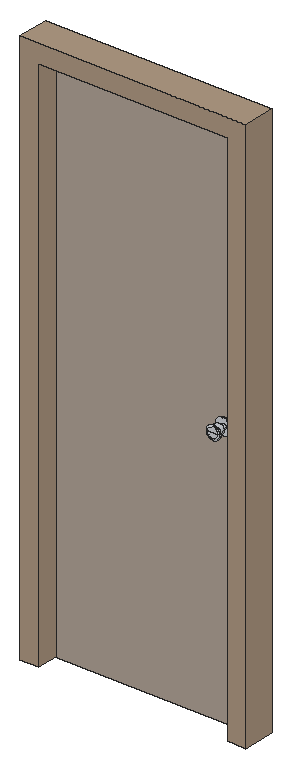
Revit family "D6_木門1", category 門, Revit 2014
Parameters (values of type "85 x 210 cm")
  熱阻 (R) = 0.270117 (m²·K)/W
  Visual Light Transmittance = 0
  Solar Heat Gain Coefficient = 0
  營造類型 Id = "MDOOR"
  關鍵註記 = "單開門-矩形"
  傳熱係數 (U) = 3.7021 W/(m²·K)
  功能 = 室內
  門扇材料 = none
  門扇寬度 = Width - 2 * 開門側框寬度  # 750 mm
  門扇厚度 = 40 mm
  Assembly Code = ""
  Rough Height = Height  # 2100 mm
  Rough Width = Width  # 850 mm
  框架深度 = 120 mm
  框擋板寬度 = 門扇厚度 / 2  # 20 mm
  框總寬度 [instance] = 開門側框寬度 + 框擋板寬度  # 70 mm
  Height = 2100 mm
  牆封閉 = 依主體
  框架材料 = none
  開門側框寬度 = 50 mm
  握把五金 = none
  Width = 850 mm
  操作 = "左單開門方向"
  解析營造 = "金屬"
Reference planes
  plane 1: y = -210
  plane 2 "中心 (左/右)": x = 0
  plane 3 "左": x = -425
  plane 4 "右": x = 425
  plane 5: z = 2100
  plane 6 "外部": y = -135
  plane 7 "內部": y = -285
  plane 8: y = 320
  plane 9: y = -740
  plane 10: z = 1050
Forms (mm)
  Sweep 1, solid, material "橡木、紅色"
    path origin (-5000, -210, 0) x (-1, 0, 0) y (0, 0, 1)
      loop
        line (-5425, 0) -> (-5425, 2100) -> (-4575, 2100) -> (-4575, 0)
    profile origin (425, -210, 1050) x (1, 0, 0) y (0, 1, 0)
      loop
        line (0, 60) -> (-50, 60) -> (-50, 20) -> (-70, 20) -> (-70, -60) -> (0, -60) -> (0, 60)
  Extrusion 2, solid, material "橡木、白色"
    sketch origin (-5000, -210, 0) x (1, 0, 0) y (0, 0, 1)
      loop
        line (4625, 2050) -> (4625, 0) -> (5375, 0) -> (5375, 2050) -> (4625, 2050)
    from -60 to -20
Lines and regions (mm)
  Opening 1
    outline origin (-3050, -285, 0) x (1, 0, 0) y (0, 0, 1)
      loop
        line (2625, 0) -> (3475, 0) -> (3475, 2100) -> (2625, 2100) -> (2625, 0)
  symbolic lines, style "Doors"
    curve 1: line (-375, -150, 0) -> (-335, -150, 0)
    curve 2: line (-375, 600, 0) -> (-375, -150, 0)
    curve 3: line (-335, 600, 0) -> (-375, 600, 0)
    curve 4: line (-335, -150, 0) -> (-335, 600, 0)
  symbolic lines, style "平面圖打開方向"
    curve 5: arc (375, -150, 0) -> (169.289, 365.994, 0) -> (-335, 598.933, 0) r 750
  symbolic lines, style "DoorsFrameMullionProjection"
    curve 6: line (-375, -150, 0) -> (-425, -150, 0)
    curve 7: line (-375, -270, 0) -> (-375, -150, 0)
    curve 8: line (-425, -270, 0) -> (-375, -270, 0)
    curve 9: line (-425, -150, 0) -> (-425, -270, 0)
    curve 10: line (375, -150, 0) -> (425, -150, 0)
    curve 11: line (375, -270, 0) -> (375, -150, 0)
    curve 12: line (425, -270, 0) -> (375, -270, 0)
    curve 13: line (425, -150, 0) -> (425, -270, 0)
  symbolic lines, style "立面圖打開方向"
    curve 14: line (-425, -285, 1050) -> (425, -285, 0)
    curve 15: line (-425, -135, 1050) -> (425, -135, 2100)
Text (mm)
  text "外部" at (-2295.016, 1099.543, 0), in view "參考樓層"
  text "外部" at (0, 1615.38, 3698.081), in view "左"
  text "外部" at (0, 1036.032, 3874.932), in view "右"
Dimensions and locks
  equal spacing: plane 3 "左", plane 2 "中心 (左/右)", plane 4 "右"
  "Width": plane 3 "左" to plane 4 "右"
  "Height": plane 5 to host wall
  host wall to plane 5 = 2100 mm  (x2)
  locked: plane 6 "外部" to host wall at 0
  locked: plane 7 "內部" to host wall
  equal spacing: Sweep 1 sketch curve, host wall, Sweep 1 sketch curve
  "框架深度": Sweep 1 sketch curve to Sweep 1 sketch curve
  "門扇厚度": Sweep 1 sketch curve to Sweep 1 sketch curve
  "開門側框寬度": Sweep 1 sketch curve to Sweep 1 sketch curve
  "框擋板寬度": Sweep 1 sketch curve to Sweep 1 sketch curve
  "Width": Sweep 1 sketch curve to Sweep 1 sketch curve
  "門扇厚度": curve 2 to curve 4
  "門扇寬度": curve 3 to curve 1
  "開門側框寬度": curve 11 to Sweep 1
  "開門側框寬度": curve 9 to curve 7
  equal spacing: Sweep 1, host wall, Sweep 1  (x2)
  "框架深度": Sweep 1 to Sweep 1  (x2)
  equal spacing: curve 6, plane 1, curve 8
  "框架深度": curve 6 to curve 8
  equal spacing: curve 12, plane 1, curve 10
  "框架深度": curve 12 to curve 10
  locked: nested 2 to Sweep 1 at 75
  locked: nested 1 to Sweep 1 at 75
  equal spacing: plane 8, plane 1, plane 9
  plane 8 to plane 9 = 1060 mm
  "門扇厚度": Extrusion 2 to Extrusion 2
  equal spacing: plane 5, plane 10, level
  "門扇寬度": radius of curve 5
  aligned and locked: plane 3 "左" to Opening 1 sketch curve
  aligned and locked: plane 5 to Opening 1 sketch curve  (x2)
  aligned and locked: Opening 1 sketch curve to plane 4 "右"
  aligned and locked: Opening 1 sketch curve to level
  aligned and locked: plane 1 to host wall
  aligned and locked: Sweep 1 to Extrusion 2 sketch curve
  aligned and locked: Extrusion 2 sketch curve to Sweep 1  (x2)
  aligned and locked: level to Extrusion 2 sketch curve
  aligned and locked: Extrusion 2 to Sweep 1
  aligned and locked: nested 1 to Extrusion 2
  aligned and locked: Extrusion 2 to nested 2
  aligned and locked: plane 4 "右" to curve 15
  aligned and locked: plane 5 to curve 15
  aligned and locked: level to curve 14
  aligned and locked: plane 4 "右" to curve 14
  aligned and locked: plane 10 to curve 15
  aligned and locked: plane 3 "左" to curve 15
  aligned and locked: curve 14 to curve 15
Automatic sketch dimensions
  Sweep 1 sketch curve to plane 4 "右" = 0 mm
  Sweep 1 sketch curve to level = 0 mm  (x2)
  Sweep 1 sketch curve to plane 5 = 0 mm
  Sweep 1 sketch curve to profile plane = 0 mm
  curve 9 to plane 3 "左" = 0 mm
  curve 12 to plane 4 "右" = 0 mm
  curve 14 to plane 10 = 0 mm
Nested families
  nested 1: "喇叭鎖" at (355, -190, 0) x (-1, 0, 0) z (0, 0, 1), type "喇叭鎖"
  nested 2: "喇叭鎖" at (355, -150, 0) x (-1, 0, 0) z (0, 0, 1), type "喇叭鎖"
  nested 3: "喇叭鎖" at (365, 60, 1000), type "喇叭鎖", not visible
  nested 4: "喇叭鎖" at (365, 20, 1000), type "喇叭鎖", not visible
Definition of nested family "喇叭鎖"
  Parameters (values of type "喇叭鎖")
    Assembly Code = ""
    握把高度 = 1000 mm
    握把與版面側邊距離 = 75 mm
    握把五金 = none
  Reference planes
    plane 1 "中心 (前/後)": y = 0
    plane 2: z = 0
    plane 3 "中心 (左/右)": x = 0
    plane 4: x = 75
  Forms (mm)
    Revolve 1, solid, material <- "握把五金"
      sketch origin (511.236, -60, 1000) x (1, 0, 0) y (0, 1, 0)
        loop
          line (-436.236, 60) -> (-406.236, 60) -> (-406.236, 66) -> (-426.236, 66) -> (-426.236, 85) -> (-417.636, 85) -> (-411.236, 109.7) -> (-411.236, 113.2) -> (-415.736, 115) -> (-436.236, 115) -> (-436.236, 60)
        axis (-436.236, 60) -> (-436.236, 115)
      angle from 0 to 360
  Dimensions and locks
    "握把與版面側邊距離": plane 3 "中心 (左/右)" to plane 4
    "握把高度": Revolve 1 to level
  Automatic sketch dimensions
    plane 3 "中心 (左/右)" to Revolve 1 sketch curve = 75 mm  (x2)
    Revolve 1 sketch curve to plane 1 "中心 (前/後)" = 0 mm
    plane 3 "中心 (左/右)" to Revolve 1 sketch curve = 85 mm
    Revolve 1 sketch curve to Revolve 1 sketch curve = 8.6 mm
    plane 3 "中心 (左/右)" to Revolve 1 sketch curve = 95.5 mm
    Revolve 1 sketch curve to Revolve 1 sketch curve = 4.5 mm
    Revolve 1 sketch curve to Revolve 1 sketch curve = 20 mm
    plane 1 "中心 (前/後)" to Revolve 1 sketch curve = 60 mm
    Revolve 1 sketch curve to Revolve 1 sketch curve = 6 mm
    Revolve 1 sketch curve to Revolve 1 sketch curve = 19 mm
    Revolve 1 sketch curve to Revolve 1 sketch curve = 24.7 mm
    Revolve 1 sketch curve to Revolve 1 sketch curve = 3.5 mm
    Revolve 1 sketch curve to Revolve 1 sketch curve = 1.8 mm
    Revolve 1 sketch curve to Revolve 1 sketch curve = 200 mm
